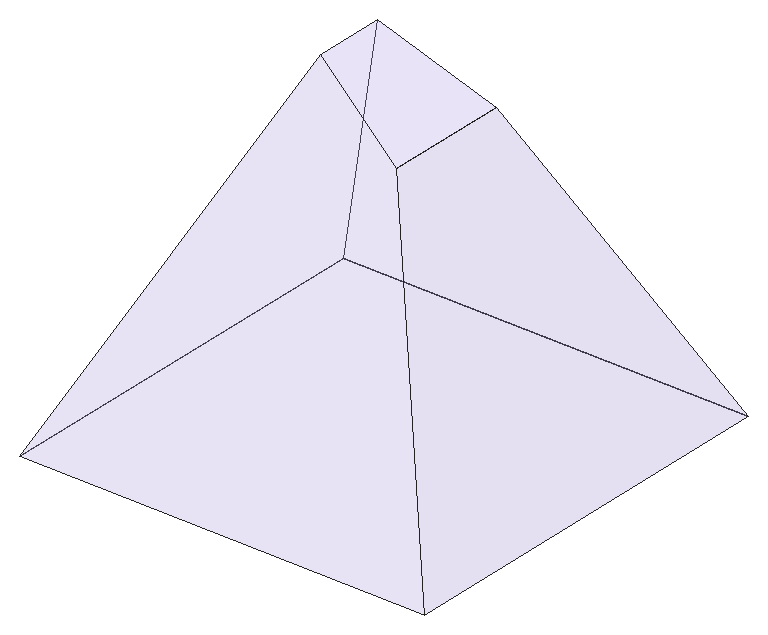
Revit family
Parameters
  Width [instance] = 9000 mm
  Mass Material [instance] = Default Mass
  Height [instance] = 9000 mm
  Depth [instance] = 9000 mm
  Default Elevation = 1219.2 mm
  Cut Height [instance] = 7000 mm
  Cut Angel [instance] = 30.00°
Reference planes
  plane 1 "Center (Front/Back)": y = 12.955
  plane 2: z = 0
  plane 3 "Center (Left/Right)": x = -30.261
  plane 4: y = 4512.955
  plane 5: x = 4469.739
  plane 6: x = -4530.261
  plane 7: y = -4487.045
  plane 8: z = 9000
  plane 9: z = 7000
  plane 10: z = 16000
Forms (mm)
  Extrusion 1, solid, material "Default Mass"
    sketch origin (0, 0, 0) x (1, 0, 0) y (0, 1, 0)
      loop
        line (-4530.261, 4512.955) -> (-4530.261, -4487.045) -> (4469.739, -4487.045) -> (4469.739, 4512.955) -> (-4530.261, 4512.955)
    from 0 to 9000
  Extrusion 2, void
    sketch origin (0, 12.955, 0) x (1, 0, 0) y (0, 0, 1)
      loop
        line (-4682.661, 0) -> (-4377.861, 0) -> (-30.261, 9000) -> (4317.339, 0) -> (4622.139, 0) -> (4622.139, 9152.4) -> (-4682.661, 9152.4) -> (-4682.661, 0)
    from -4500 to 4500
  Extrusion 3, void
    sketch origin (-30.261, 0, 0) x (0, 1, 0) y (0, 0, 1)
      loop
        line (4665.355, 0) -> (4665.355, 9152.4) -> (-4639.445, 9152.4) -> (-4639.445, 0) -> (-4339.561, 0) -> (12.955, 9000) -> (4365.471, 0) -> (4665.355, 0)
    from -4500 to 4500
  Extrusion 4, void
    sketch origin (0, 12.955, 0) x (1, 0, 0) y (0, 0, 1)
      loop
        line (4469.739, 4401.924) -> (4469.739, 16000) -> (-4530.261, 16000) -> (-4530.261, 9598.076) -> (4469.739, 4401.924)
    from -4500 to 4500
Cuts and joins
  Extrusion 2, Extrusion 3, Extrusion 4 cuts Extrusion 1
Lines and regions (mm)
  reference lines
    curve 1: line (-30.261, 12.955, 7000) -> (-822.154, 12.955, 7457.2)
Dimensions and locks
  equal spacing: plane 6, plane 3 "Center (Left/Right)", plane 5
  "Width": plane 6 to plane 5
  equal spacing: plane 4, plane 1 "Center (Front/Back)", plane 7
  "Depth": plane 4 to plane 7
  locked: plane 6 to Extrusion 2 sketch curve at 152.4
  locked: Extrusion 2 sketch curve to plane 8 at 152.4
  locked: Extrusion 2 sketch curve to plane 5 at 152.4
  locked: Extrusion 3 sketch curve to plane 4 at 152.4
  locked: Extrusion 3 sketch curve to plane 8 at 152.4
  locked: plane 7 to Extrusion 3 sketch curve at 152.4
  "Cut Height": plane 9 to plane 2
  "Height": plane 10 to plane 9
  locked: plane 2 to level
  "Height": plane 8 to plane 2
  "Cut Angel": angle curve 1 to plane 9
  aligned and locked: Extrusion 1 sketch curve to plane 5
  aligned and locked: Extrusion 1 sketch curve to plane 6
  aligned and locked: Extrusion 1 sketch curve to plane 4
  aligned and locked: Extrusion 1 sketch curve to plane 7
  aligned and locked: plane 8 to Extrusion 1
  aligned and locked: Extrusion 2 sketch curve to Extrusion 2 sketch curve
  aligned and locked: Extrusion 2 sketch curve to cut or joined group of Extrusion 1, Extrusion 2, Extrusion 3, Extrusion 4
  aligned and locked: Extrusion 2 to plane 4
  aligned and locked: Extrusion 2 to plane 7
  aligned and locked: cut or joined group of Extrusion 1, Extrusion 2, Extrusion 3, Extrusion 4 to Extrusion 3 sketch curve
  aligned and locked: Extrusion 3 to plane 6
  aligned and locked: Extrusion 3 to plane 5
  aligned and locked: Extrusion 2 sketch curve to plane 2  (x2)
  aligned and locked: plane 2 to Extrusion 3 sketch curve  (x2)
  aligned and locked: cut or joined group of Extrusion 1, Extrusion 2, Extrusion 3, Extrusion 4 to plane 2
  aligned and locked: Extrusion 4 sketch curve to curve 1
  aligned and locked: plane 6 to Extrusion 4 sketch curve
  aligned and locked: Extrusion 4 sketch curve to plane 10
  aligned and locked: Extrusion 4 sketch curve to plane 5
  aligned and locked: plane 5 to Extrusion 4 sketch curve
  aligned and locked: Extrusion 4 to plane 4
  aligned and locked: Extrusion 4 to plane 7
Automatic sketch dimensions
  Extrusion 2 sketch curve to plane 3 "Center (Left/Right)" = 0 mm
  plane 6 to Extrusion 2 sketch curve = 152.4 mm
  Extrusion 2 sketch curve to plane 5 = 152.4 mm
  Extrusion 3 sketch curve to plane 1 "Center (Front/Back)" = 0 mm
  plane 7 to Extrusion 3 sketch curve = 147.484 mm
  Extrusion 3 sketch curve to plane 4 = 147.484 mm
  curve 1 to plane 3 "Center (Left/Right)" = 0 mm
  curve 1 to plane 9 = 0 mm
